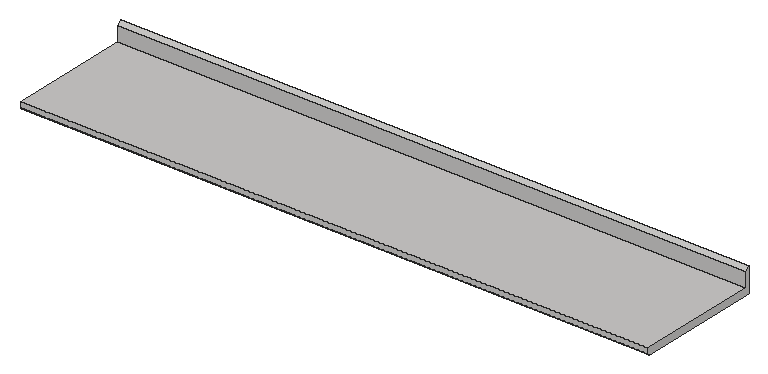
Revit family "QF_ELECTROLUXPROFESSIONAL_121173_TPLA35A", category Attrezzature speciali, Revit 2020
Family settings
  Quota connettore circolare = Usa diametro
  Tipo di parte = Normale
  Basato su piano di lavoro = No
  Sempre verticale = Sì
  Taglio con vuoti quando caricato = No
  Condiviso = No
  Punto di calcolo locali = No
Parameters (values of type "Standard")
  Weight = 110.00 kg
  Watts = 0 W
  Volts = 0 V
  URL Manufacturer = "https://www.electroluxprofessional.com/"
  URL = "https://www.electroluxprofessional.com/"
  Steam Supply Size = 0 mm
  Steam Supply Minimum Pressure = 0.0 Pa
  Steam Supply Maximum Pressure = 0.0 Pa
  Steam Consumption per Hour = 0
  Refrigeration Suction Line Size = 0.0 mm
  Refrigeration Liquid Line Size = 0.0 mm
  Refrigerant Compressor Remote = yes
  Prospetto di default = 0.0 mm
  Phase = 0
  Modello = "TPLA35A"
  Produttore = "Electrolux Professional"
  Length Actual = 3500.0 mm  # constant formula
  Item Number = "121173"
  Hot Water Size = 0 mm
  Height Actual = 140.0 mm  # constant formula
  HP = "0 HP"
  Gas Size = 0 mm
  Gas KW = 0
  Gas Input Pressure = 0 W
  Direct Waste Size = 0 mm
  Descrizione = "WORK TOP WITH UPSTAND 3500MM"
  Depth Actual = 700.0 mm  # constant formula
  Cycle = 0 Hz
  Condensate Return Size = 0 mm
  Compressed Air Volume = 0.0 L/s
  Compressed Air Size = 0 mm
  Compressed Air Pressure = 0.0 Pa
  Cold Water Size = 0 mm
  Accessory = yes
Reference planes
  plane 1 "Center (Front/Back)": y = 0
  plane 2: z = 0
  plane 3 "Center (Left/Right)": x = -1250
  plane 4 "LEFT": x = -3000
  plane 5 "RIGHT": x = 500
  plane 6 "BACK": y = 350
  plane 7 "FRONT": y = -350
  plane 8 "TOP": z = 1000
  plane 9: z = 900
  plane 10: z = 860
Forms (mm)
  Extrusion 1, solid, material "QF_Finishes_Stainless Steel"
    sketch origin (-1250, 0, 0) x (0, 1, 0) y (0, 0, 1)
      loop
        line (350, 1000) -> (330, 980) -> (330, 900) -> (-350, 900) -> (-350, 870) -> (-340, 860) -> (350, 860) -> (350, 1000)
    from 1750 to -1750
Lines and regions (mm)
  symbolic lines
    curve 1: line (500, 350, 1000) -> (-3000, 350, 1000)
    curve 2: line (-3000, 350, 1000) -> (-3000, -350, 1000)
    curve 3: line (-3000, -350, 1000) -> (500, -350, 1000)
    curve 4: line (500, -350, 1000) -> (500, 350, 1000)
    curve 5: line (-3000, 330, 1000) -> (500, 330, 1000)
Dimensions and locks
  plane 4 "LEFT" to plane 5 "RIGHT" = 3500.0 mm
  equal spacing: plane 4 "LEFT", plane 3 "Center (Left/Right)", plane 5 "RIGHT"
  plane 6 "BACK" to plane 7 "FRONT" = 700.0 mm
  equal spacing: plane 6 "BACK", plane 1 "Center (Front/Back)", plane 7 "FRONT"
  locked: plane 8 "TOP" to plane 9 at 100
  locked: plane 6 "BACK" to Extrusion 1 sketch curve at 20
  plane 10 to level = 860.0 mm
  plane 8 "TOP" to plane 10 = 140.0 mm
  aligned and locked: level to plane 2
  aligned and locked: Extrusion 1 to plane 4 "LEFT"
  aligned and locked: plane 5 "RIGHT" to Extrusion 1
  aligned and locked: curve 2 to plane 4 "LEFT"
  aligned and locked: Extrusion 1 sketch curve to plane 9
  aligned and locked: Extrusion 1 sketch curve to plane 6 "BACK"
  aligned and locked: plane 7 "FRONT" to Extrusion 1 sketch curve
  aligned and locked: plane 10 to Extrusion 1 sketch curve
Automatic sketch dimensions
  curve 3 to plane 7 "FRONT" = 0.0 mm
  curve 4 to plane 5 "RIGHT" = 0.0 mm
  curve 4 to plane 6 "BACK" = 0.0 mm
  curve 5 to plane 6 "BACK" = 20.0 mm
  Extrusion 1 sketch curve to plane 8 "TOP" = 0.0 mm
  Extrusion 1 sketch curve to plane 8 "TOP" = 20.0 mm
  plane 7 "FRONT" to Extrusion 1 sketch curve = 10.0 mm
  level to Extrusion 1 sketch curve = 870.0 mm
